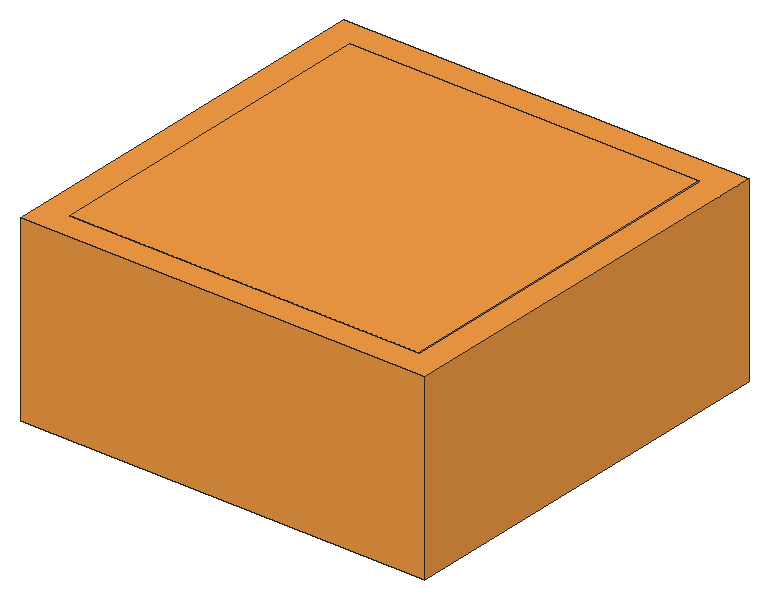
Revit family "Detector óptico-térmico_Aguilera Electronica", category Dispositivos de alarma de incendios, Revit 2019
Family settings
  Anfitrión = Cara
  Mantener orientación de anotación = Sí
  Cota de conector redondo = Diámetro de uso
  Tipo de pieza = Normal
  Número OmniClass = 23.85.30.21.11.11
  Título OmniClass = Fire/Smoke Detectors
  Corte con vacíos al cargar = No
  Compartido = No
  Punto de cálculo de habitación = No
Parameters (values of type "Detector óptico-térmico")
  Zona de acción 80 m2 = yes
  Zona de acción 60 m2 = yes
  Símbolo texto modelo = yes
  Símbolo = yes
  Suplemento para superficie = no
  R2 = D2 / 2  # 53 mm
  R1 = Diámetro / 2  # 53 mm
  D2 = 106 mm
  Altura 3 = 15 mm
  Altura 2 = 1 mm
  URL = "http://aguilera.es/?productos=detector-optico-termico-algoritmico"
  Modelo = "AE/SA-OPT"
  Fabricante = "Aguilera Electrónica"  # constant formula
  Default Elevation = 0 mm
  Diámetro = 106 mm
  Descripción = "Detector multisensor con doble tecnología, de humo y calor, fabricado por AGUILERA ELECTRÓNICA\r\nsegún normas UNE EN 54-7 y UNE EN 54-5 con certificado de conformidad CE y marca de calidad\r\nAENOR.\r\nUnidad algorítmica direccionable que gestiona un sensor óptico de humos y otro de calor.\r\nEl sensor óptico toma medidas de la luz que dispersan las partículas de humo y su incremento, al tiempo\r\nque el de calor lo hace de las variaciones térmicas.\r\nAmbas mediciones son analizadas y enviadas a la central para que esta tome la decisión de alarma\r\nsiempre que se alcancen los parámetros programados para cada caso.\r\nPosee las mismas características que el detector AE/SA-OP"  # constant formula
  Type Comments = ""
  Altura 1 = 43 mm
Types (6, lengths in mm): name | Suplemento para superficie | R2 | D2 | Altura 2 | Modelo | Type Comments
  (no name) | no | 53 | 106 | 1 | "AE/SA-OPT" | ""
  Detector óptico-térmico | no | 53 | 106 | 1 | "AE/SA-OPT" | ""
  Detector óptico-térmico con zócalo | no | 49 | 98 | 18 | "AE/SA-OPT + AE/SA-ZB2" | "Zócalo fabricado en ABS por AGUILERA ELECTRÓNICA, reciclable con contactos arandelas y tuercas,\r\npara conexión de los cables, en acero inoxidable.\r\nPermiten el intercambio de todos los detectores algorítmicos."
  Detector óptico-térmico con suplemento para superficie | yes | 53 | 106 | 30 | "AE/SA-OPT + AE/SA-ZS" | "Suplemento de montaje para tubo visto. Facilita la instalación permitiendo la entrada de 3 tubos de\r\n20mm.\r\nCompatible con todos los detectores algorítmicos. Fabricado en ABS."
  Detector óptico-térmico con zócalo con aislador | no | 49 | 98 | 18 | "AE/SA-OPT + AE/SA-ZBA" | "Zócalo para detectores algorítmicos con circuito aislador bidireccional certificado EN 54-17, diseñado para\r\nser utilizado con las centrales de detección de incendio algorítmicas de AGUILERA ELECTRONICA.\r\nEl circuito aislador bidireccional incluido en el zócalo permite aislar cortocircuitos en el cableado del bucle\r\nde detección algorítmico, dejando fuera de servicio la zona afectada entre 2 aisladores para instalaciones\r\nrealizadas en bucle cerrado.\r\nEl circuito aislador incorpora las siguientes funciones:\r\n• Interruptor bidireccional, permite cortar el bucle de forma segura, sin provocar caídas de tensión cuando\r\nda continuidad.\r\n• Detector de tensión. Supervisa la tensión del bucle, impidiendo su funcionamiento hasta que la tensión\r\nno supera el límite inferior fijado.\r\n• Indicador luminoso, se activa cuando se detecta un corto en el bucle, o un consumo de corriente excesivo."
  Detector óptico-térmico con base con sirena bajo consumo | no | 52 | 104 | 40 | "AE/SA-OPT + AE/SA-SB" | "El equipo AE/SA-SB es una sirena para conectar al bucle algorítmico, que dispone de las siguientes\r\ncaracterísticas:\r\n• Conexión a base de detectores de sistema algorítmico AE/SA-ZB2.\r\n• Incluye base para inserción de detectores algorítmicos de la serie SA de Aguilera:\r\nAE/SA-OP, AE/SA-OPT y AE/SA-T\r\n• Conexión a bucle algorítmico, ocupando 1 dirección. Totalmente programable como una salida\r\nindependiente, asociada al detector conectado a ella, a la zona o sector.\r\n• Generador de tono microprocesado, independiente de las comunicaciones.\r\n• Tonos NFS, ISO 8201 y BF.\r\n• Características acústicas:\r\n- Resonante piezoeléctrico con driver MOS-FET optimizado para conseguir mayor potencia\r\nacústica con un menor consumo.\r\n- Dos niveles de volumen, seleccionable por dilswitch.\r\n- 8 tonos acústicos seleccionables por dilswitch. Hasta 16 tonos disponibles.\r\n• Prueba de funcionamiento mediante selector en dilswitch.\r\n• Vigilancia de tensión de alimentación en bucle algorítmico, con indicación de avería por nivel\r\nbajo.\r\n• Led indicador de estado en bucle algorítmico.\r\n• Sirena certificada EN 54-3."
Reference planes
  plane 1 "Centro (Frontal/Posterior)": y = 0
  plane 2: z = 0
  plane 3 "Centro (Izquierda/Derecha)": x = 0
  plane 4: z = 59
  plane 5: z = 44
  plane 6: z = 1
Forms (mm)
  Extrusion 1, solid
    sketch origin (0, 0, 0) x (1, 0, 0) y (0, 1, 0)
      loop
        line (-1219.2, 1219.2) -> (-1219.2, -1219.2) -> (1219.2, -1219.2) -> (1219.2, 1219.2) -> (-1219.2, 1219.2)
    from 0 to -304.8
  Revolve 2, solid, material "Carcasa ABS"
    sketch origin (0, 0, 0) x (0, 1, 0) y (0, 0, 1)
      loop
        line (-0.007, 44) -> (-27, 44)
        arc (-27, 44) -> (-32.406, 32.354) -> (-40.637, 22.5) r 49.267
        arc (-40.637, 22.5) -> (-51.12, 14.223) -> (-53, 1) r 17.977
        line (-53, 1) -> (-0.007, 1) -> (-0.007, 44)
      axis (0, 44) -> (0, 1)
    angle from 0 to 360
  Extrusion 3, solid, material "Carcasa ABS", detail levels fine
    sketch origin (0, 0, 0) x (1, 0, 0) y (0, 1, 0)
      loop
        circle (0, 0) r 22.524
      loop
        circle (0, 0) r 3.558
    from 57.409 to 59
  Extrusion 4, solid, material "Carcasa ABS", detail levels fine
    sketch origin (0, 0, 0) x (0, 1, 0) y (0, 0, 1)
      loop
        line (-22.453, 59) -> (-24.077, 59)
        arc (-24.077, 59) -> (-23.775, 51.255) -> (-26.5, 44) r 19.584
        line (-26.5, 44) -> (-22.453, 44) -> (-22.453, 59)
    from -0.5 to 0.5
  Extrusion 5, solid, material "Carcasa ABS", detail levels fine
    sketch origin (0, 0, 0) x (-0.173648, 0.984808, 0) y (0, 0, 1)
      loop
        line (-22.453, 58.931) -> (-24.176, 58.931)
        arc (-24.176, 58.931) -> (-24.086, 51.183) -> (-26.99, 44) r 19.705
        line (-26.99, 44) -> (-22.453, 44) -> (-22.453, 58.931)
    from -0.5 to 0.5
  Extrusion 6, solid, material "Carcasa ABS", detail levels fine
    sketch origin (0, 0, 0) x (-0.34202, 0.939693, 0) y (0, 0, 1)
      loop
        line (-22.453, 58.931) -> (-24.176, 58.931)
        arc (-24.176, 58.931) -> (-24.086, 51.183) -> (-26.99, 44) r 19.705
        line (-26.99, 44) -> (-22.453, 44) -> (-22.453, 58.931)
    from -0.5 to 0.5
  Extrusion 7, solid, material "Carcasa ABS", detail levels fine
    sketch origin (0, 0, 0) x (-0.5, 0.866025, 0) y (0, 0, 1)
      loop
        line (-22.453, 57.409) -> (-23.76, 57.409)
        arc (-23.76, 57.409) -> (-23.921, 50.457) -> (-26.5, 44) r 19.584
        line (-26.5, 44) -> (-22.453, 44) -> (-22.453, 57.409)
    from -0.5 to 0.5
  Extrusion 8, solid, material "Carcasa ABS", detail levels fine
    sketch origin (0, 0, 0) x (-0.5, 0.866025, 0) y (0, 0, 1)
      loop
        line (-22.453, 58.931) -> (-24.176, 58.931)
        arc (-24.176, 58.931) -> (-24.086, 51.183) -> (-26.99, 44) r 19.705
        line (-26.99, 44) -> (-22.453, 44) -> (-22.453, 58.931)
    from -0.5 to 0.5
  Extrusion 9, solid, material "Carcasa ABS", detail levels fine
    sketch origin (0, 0, 0) x (-0.642788, 0.766044, 0) y (0, 0, 1)
      loop
        line (-22.453, 58.931) -> (-24.176, 58.931)
        arc (-24.176, 58.931) -> (-24.086, 51.183) -> (-26.99, 44) r 19.705
        line (-26.99, 44) -> (-22.453, 44) -> (-22.453, 58.931)
    from -0.5 to 0.5
  Extrusion 10, solid, material "Carcasa ABS", detail levels fine
    sketch origin (0, 0, 0) x (-0.766044, 0.642788, 0) y (0, 0, 1)
      loop
        line (-22.453, 58.931) -> (-24.176, 58.931)
        arc (-24.176, 58.931) -> (-24.086, 51.183) -> (-26.99, 44) r 19.705
        line (-26.99, 44) -> (-22.453, 44) -> (-22.453, 58.931)
    from -0.5 to 0.5
  Extrusion 11, solid, material "Carcasa ABS", detail levels fine
    sketch origin (0, 0, 0) x (-0.866025, 0.5, 0) y (0, 0, 1)
      loop
        line (-22.453, 58.929) -> (-24.192, 58.929)
        arc (-24.192, 58.929) -> (-24.102, 51.182) -> (-27.007, 44) r 19.693
        line (-27.007, 44) -> (-22.453, 44) -> (-22.453, 58.929)
    from -0.5 to 0.5
  Extrusion 12, solid, material "Carcasa ABS", detail levels fine
    sketch origin (0, 0, 0) x (-0.939693, 0.34202, 0) y (0, 0, 1)
      loop
        line (-22.453, 58.931) -> (-24.176, 58.931)
        arc (-24.176, 58.931) -> (-24.086, 51.183) -> (-26.99, 44) r 19.705
        line (-26.99, 44) -> (-22.453, 44) -> (-22.453, 58.931)
    from -0.5 to 0.5
  Extrusion 13, solid, material "Carcasa ABS", detail levels fine
    sketch origin (0, 0, 0) x (-0.984808, 0.173648, 0) y (0, 0, 1)
      loop
        line (-22.453, 58.931) -> (-24.176, 58.931)
        arc (-24.176, 58.931) -> (-24.086, 51.183) -> (-26.99, 44) r 19.705
        line (-26.99, 44) -> (-22.453, 44) -> (-22.453, 58.931)
    from -0.5 to 0.5
  Extrusion 14, solid, material "Carcasa ABS", detail levels fine
    sketch origin (0, 0, 0) x (-1, 0, 0) y (0, 0, 1)
      loop
        line (-22.453, 58.929) -> (-24.2, 58.929)
        arc (-24.2, 58.929) -> (-24.11, 51.182) -> (-27.016, 44) r 19.686
        line (-27.016, 44) -> (-22.453, 44) -> (-22.453, 58.929)
    from -0.5 to 0.5
  Extrusion 15, solid, material "Carcasa ABS", detail levels fine
    sketch origin (0, 0, 0) x (0, -1, 0) y (0, 0, -1)
      loop
        line (-22.453, -58.931) -> (-22.453, -44) -> (-26.99, -44)
        arc (-26.99, -44) -> (-24.086, -51.183) -> (-24.176, -58.931) r 19.705
        line (-24.176, -58.931) -> (-22.453, -58.931)
    from -0.5 to 0.5
  Extrusion 16, solid, material "Carcasa ABS", detail levels fine
    sketch origin (0, 0, 0) x (-0.173648, -0.984808, 0) y (0, 0, -1)
      loop
        line (-22.453, -58.93) -> (-22.453, -44) -> (-26.992, -44)
        arc (-26.992, -44) -> (-24.088, -51.183) -> (-24.177, -58.93) r 19.704
        line (-24.177, -58.93) -> (-22.453, -58.93)
    from -0.5 to 0.5
  Extrusion 17, solid, material "Carcasa ABS", detail levels fine
    sketch origin (0, 0, 0) x (-0.34202, -0.939693, 0) y (0, 0, -1)
      loop
        line (-22.453, -58.931) -> (-22.453, -44) -> (-26.99, -44)
        arc (-26.99, -44) -> (-24.086, -51.183) -> (-24.176, -58.931) r 19.705
        line (-24.176, -58.931) -> (-22.453, -58.931)
    from -0.5 to 0.5
  Extrusion 18, solid, material "Carcasa ABS", detail levels fine
    sketch origin (0, 0, 0) x (-0.5, -0.866025, 0) y (0, 0, -1)
      loop
        line (-22.453, -57.409) -> (-22.453, -44) -> (-26.5, -44)
        arc (-26.5, -44) -> (-23.921, -50.457) -> (-23.76, -57.409) r 19.584
        line (-23.76, -57.409) -> (-22.453, -57.409)
    from -0.5 to 0.5
  Extrusion 19, solid, material "Carcasa ABS", detail levels fine
    sketch origin (0, 0, 0) x (-0.5, -0.866025, 0) y (0, 0, -1)
      loop
        line (-22.453, -58.931) -> (-22.453, -44) -> (-26.99, -44)
        arc (-26.99, -44) -> (-24.086, -51.183) -> (-24.176, -58.931) r 19.705
        line (-24.176, -58.931) -> (-22.453, -58.931)
    from -0.5 to 0.5
  Extrusion 20, solid, material "Carcasa ABS", detail levels fine
    sketch origin (0, 0, 0) x (-0.642788, -0.766044, 0) y (0, 0, -1)
      loop
        line (-22.453, -58.931) -> (-22.453, -44) -> (-26.99, -44)
        arc (-26.99, -44) -> (-24.086, -51.183) -> (-24.176, -58.931) r 19.705
        line (-24.176, -58.931) -> (-22.453, -58.931)
    from -0.5 to 0.5
  Extrusion 21, solid, material "Carcasa ABS", detail levels fine
    sketch origin (0, 0, 0) x (-0.766044, -0.642788, 0) y (0, 0, -1)
      loop
        line (-22.453, -58.931) -> (-22.453, -44) -> (-26.99, -44)
        arc (-26.99, -44) -> (-24.086, -51.183) -> (-24.176, -58.931) r 19.705
        line (-24.176, -58.931) -> (-22.453, -58.931)
    from -0.5 to 0.5
  Extrusion 22, solid, material "Carcasa ABS", detail levels fine
    sketch origin (0, 0, 0) x (-0.866025, -0.5, 0) y (0, 0, -1)
      loop
        line (-22.453, -58.931) -> (-22.453, -44) -> (-26.982, -44)
        arc (-26.982, -44) -> (-24.078, -51.184) -> (-24.167, -58.931) r 19.711
        line (-24.167, -58.931) -> (-22.453, -58.931)
    from -0.5 to 0.5
  Extrusion 23, solid, material "Carcasa ABS", detail levels fine
    sketch origin (0, 0, 0) x (-0.939693, -0.34202, 0) y (0, 0, -1)
      loop
        line (-22.453, -58.93) -> (-22.453, -44) -> (-26.992, -44)
        arc (-26.992, -44) -> (-24.088, -51.183) -> (-24.177, -58.93) r 19.704
        line (-24.177, -58.93) -> (-22.453, -58.93)
    from -0.5 to 0.5
  Extrusion 24, solid, material "Carcasa ABS", detail levels fine
    sketch origin (0, 0, 0) x (-0.984808, -0.173648, 0) y (0, 0, -1)
      loop
        line (-22.453, -58.931) -> (-22.453, -44) -> (-26.99, -44)
        arc (-26.99, -44) -> (-24.086, -51.183) -> (-24.176, -58.931) r 19.705
        line (-24.176, -58.931) -> (-22.453, -58.931)
    from -0.5 to 0.5
  Extrusion 25, solid, material "Carcasa ABS", detail levels fine
    sketch origin (0, 0, 0) x (0.173648, 0.984808, 0) y (0, 0, -1)
      loop
        line (-22.453, -58.931) -> (-22.453, -44) -> (-26.99, -44)
        arc (-26.99, -44) -> (-24.086, -51.183) -> (-24.176, -58.931) r 19.705
        line (-24.176, -58.931) -> (-22.453, -58.931)
    from -0.5 to 0.5
  Extrusion 26, solid, material "Carcasa ABS", detail levels fine
    sketch origin (0, 0, 0) x (0.34202, 0.939693, 0) y (0, 0, -1)
      loop
        line (-22.453, -58.931) -> (-22.453, -44) -> (-26.99, -44)
        arc (-26.99, -44) -> (-24.086, -51.183) -> (-24.176, -58.931) r 19.705
        line (-24.176, -58.931) -> (-22.453, -58.931)
    from -0.5 to 0.5
  Extrusion 27, solid, material "Carcasa ABS", detail levels fine
    sketch origin (0, 0, 0) x (0.5, 0.866025, 0) y (0, 0, -1)
      loop
        line (-22.453, -57.409) -> (-22.453, -44) -> (-26.5, -44)
        arc (-26.5, -44) -> (-23.921, -50.457) -> (-23.76, -57.409) r 19.584
        line (-23.76, -57.409) -> (-22.453, -57.409)
    from -0.5 to 0.5
  Extrusion 28, solid, material "Carcasa ABS", detail levels fine
    sketch origin (0, 0, 0) x (0.5, 0.866025, 0) y (0, 0, -1)
      loop
        line (-22.453, -58.931) -> (-22.453, -44) -> (-26.99, -44)
        arc (-26.99, -44) -> (-24.086, -51.183) -> (-24.176, -58.931) r 19.705
        line (-24.176, -58.931) -> (-22.453, -58.931)
    from -0.5 to 0.5
  Extrusion 29, solid, material "Carcasa ABS", detail levels fine
    sketch origin (0, 0, 0) x (0.642788, 0.766044, 0) y (0, 0, -1)
      loop
        line (-22.453, -58.931) -> (-22.453, -44) -> (-26.99, -44)
        arc (-26.99, -44) -> (-24.086, -51.183) -> (-24.176, -58.931) r 19.705
        line (-24.176, -58.931) -> (-22.453, -58.931)
    from -0.5 to 0.5
  Extrusion 30, solid, material "Carcasa ABS", detail levels fine
    sketch origin (0, 0, 0) x (0.766044, 0.642788, 0) y (0, 0, -1)
      loop
        line (-22.453, -58.931) -> (-22.453, -44) -> (-26.99, -44)
        arc (-26.99, -44) -> (-24.086, -51.183) -> (-24.176, -58.931) r 19.705
        line (-24.176, -58.931) -> (-22.453, -58.931)
    from -0.5 to 0.5
  Extrusion 31, solid, material "Carcasa ABS", detail levels fine
    sketch origin (0, 0, 0) x (0.866025, 0.5, 0) y (0, 0, -1)
      loop
        line (-22.453, -58.931) -> (-22.453, -44) -> (-26.99, -44)
        arc (-26.99, -44) -> (-24.086, -51.183) -> (-24.176, -58.931) r 19.705
        line (-24.176, -58.931) -> (-22.453, -58.931)
    from -0.5 to 0.5
  Extrusion 32, solid, material "Carcasa ABS", detail levels fine
    sketch origin (0, 0, 0) x (0.939693, 0.34202, 0) y (0, 0, -1)
      loop
        line (-22.453, -58.931) -> (-22.453, -44) -> (-26.99, -44)
        arc (-26.99, -44) -> (-24.086, -51.183) -> (-24.176, -58.931) r 19.705
        line (-24.176, -58.931) -> (-22.453, -58.931)
    from -0.5 to 0.5
  Extrusion 33, solid, material "Carcasa ABS", detail levels fine
    sketch origin (0, 0, 0) x (0.984808, 0.173648, 0) y (0, 0, -1)
      loop
        line (-22.453, -58.931) -> (-22.453, -44) -> (-26.99, -44)
        arc (-26.99, -44) -> (-24.086, -51.183) -> (-24.176, -58.931) r 19.705
        line (-24.176, -58.931) -> (-22.453, -58.931)
    from -0.5 to 0.5
  Extrusion 34, solid, material "Carcasa ABS", detail levels fine
    sketch origin (0, 0, 0) x (1, 0, 0) y (0, 0, -1)
      loop
        line (-22.453, -58.931) -> (-22.453, -44) -> (-26.99, -44)
        arc (-26.99, -44) -> (-24.086, -51.183) -> (-24.176, -58.931) r 19.705
        line (-24.176, -58.931) -> (-22.453, -58.931)
    from -0.5 to 0.5
  Extrusion 35, solid, material "Carcasa ABS", detail levels fine
    sketch origin (0, 0, 0) x (0.173648, -0.984808, 0) y (0, 0, 1)
      loop
        line (-22.453, 58.931) -> (-24.176, 58.931)
        arc (-24.176, 58.931) -> (-24.086, 51.183) -> (-26.99, 44) r 19.705
        line (-26.99, 44) -> (-22.453, 44) -> (-22.453, 58.931)
    from -0.5 to 0.5
  Extrusion 36, solid, material "Carcasa ABS", detail levels fine
    sketch origin (0, 0, 0) x (0.34202, -0.939693, 0) y (0, 0, 1)
      loop
        line (-22.453, 58.931) -> (-24.176, 58.931)
        arc (-24.176, 58.931) -> (-24.086, 51.183) -> (-26.99, 44) r 19.705
        line (-26.99, 44) -> (-22.453, 44) -> (-22.453, 58.931)
    from -0.5 to 0.5
  Extrusion 37, solid, material "Carcasa ABS", detail levels fine
    sketch origin (0, 0, 0) x (0.5, -0.866025, 0) y (0, 0, 1)
      loop
        line (-22.453, 57.409) -> (-23.76, 57.409)
        arc (-23.76, 57.409) -> (-23.921, 50.457) -> (-26.5, 44) r 19.584
        line (-26.5, 44) -> (-22.453, 44) -> (-22.453, 57.409)
    from -0.5 to 0.5
  Extrusion 38, solid, material "Carcasa ABS", detail levels fine
    sketch origin (0, 0, 0) x (0.5, -0.866025, 0) y (0, 0, 1)
      loop
        line (-22.453, 58.931) -> (-24.176, 58.931)
        arc (-24.176, 58.931) -> (-24.086, 51.183) -> (-26.99, 44) r 19.705
        line (-26.99, 44) -> (-22.453, 44) -> (-22.453, 58.931)
    from -0.5 to 0.5
  Extrusion 39, solid, material "Carcasa ABS", detail levels fine
    sketch origin (0, 0, 0) x (0.642788, -0.766044, 0) y (0, 0, 1)
      loop
        line (-22.453, 58.931) -> (-24.176, 58.931)
        arc (-24.176, 58.931) -> (-24.086, 51.183) -> (-26.99, 44) r 19.705
        line (-26.99, 44) -> (-22.453, 44) -> (-22.453, 58.931)
    from -0.5 to 0.5
  Extrusion 40, solid, material "Carcasa ABS", detail levels fine
    sketch origin (0, 0, 0) x (0.766044, -0.642788, 0) y (0, 0, 1)
      loop
        line (-22.453, 58.929) -> (-24.198, 58.929)
        arc (-24.198, 58.929) -> (-24.108, 51.182) -> (-27.014, 44) r 19.688
        line (-27.014, 44) -> (-22.453, 44) -> (-22.453, 58.929)
    from -0.5 to 0.5
  Extrusion 41, solid, material "Carcasa ABS", detail levels fine
    sketch origin (0, 0, 0) x (0.866025, -0.5, 0) y (0, 0, 1)
      loop
        line (-22.453, 58.931) -> (-24.176, 58.931)
        arc (-24.176, 58.931) -> (-24.086, 51.183) -> (-26.99, 44) r 19.705
        line (-26.99, 44) -> (-22.453, 44) -> (-22.453, 58.931)
    from -0.5 to 0.5
  Extrusion 42, solid, material "Carcasa ABS", detail levels fine
    sketch origin (0, 0, 0) x (0.939693, -0.34202, 0) y (0, 0, 1)
      loop
        line (-22.453, 58.931) -> (-24.176, 58.931)
        arc (-24.176, 58.931) -> (-24.086, 51.183) -> (-26.99, 44) r 19.705
        line (-26.99, 44) -> (-22.453, 44) -> (-22.453, 58.931)
    from -0.5 to 0.5
  Extrusion 43, solid, material "Carcasa ABS", detail levels fine
    sketch origin (0, 0, 0) x (0.984808, -0.173648, 0) y (0, 0, 1)
      loop
        line (-22.453, 58.931) -> (-24.176, 58.931)
        arc (-24.176, 58.931) -> (-24.086, 51.183) -> (-26.99, 44) r 19.705
        line (-26.99, 44) -> (-22.453, 44) -> (-22.453, 58.931)
    from -0.5 to 0.5
  Revolve 44, solid, material "Carcasa ABS"
    sketch origin (0, 0, 0) x (0, 1, 0) y (0, 0, 1)
      loop
        line (-53, 1) -> (-53, 0) -> (0, 0) -> (0, 1) -> (-53, 1)
      axis (0, 1) -> (0, 0)
    angle from 0 to 360
  Extrusion 45, solid, material "Carcasa ABS", visible <- "Suplemento para superficie", detail levels medium+fine
    sketch origin (0, 0, 0) x (0, 1, 0) y (0, 0, 1)
      loop
        circle (0, -13.675) r 10
    from 48.382 to 52.012
  Extrusion 46, solid, material "Carcasa ABS", visible <- "Suplemento para superficie", detail levels medium+fine
    sketch origin (0, 0, 0) x (-1, 0, 0) y (0, 0, 1)
      loop
        circle (0, -13.675) r 10
    from 48.382 to 52.012
  Extrusion 47, solid, material "Carcasa ABS", visible <- "Suplemento para superficie", detail levels medium+fine
    sketch origin (0, 0, 0) x (0, 1, 0) y (0, 0, -1)
      loop
        circle (0, 13.675) r 10
    from 48.382 to 52.012
  Extrusion 48, solid, material "Carcasa ABS", detail levels fine
    sketch origin (0, 0, 0) x (1, 0, 0) y (0, 0, 1)
      loop
        arc (-3.558, 59) -> (0, 61.139) -> (3.558, 59) r 4.03
        line (3.558, 59) -> (5.726, 59)
        arc (5.726, 59) -> (0, 63.139) -> (-5.726, 59) r 6.03
        line (-5.726, 59) -> (-3.558, 59)
    from -0.528 to 0.5
  Extrusion 49, solid, material "Carcasa ABS", detail levels fine
    sketch origin (0, 0, 0) x (0, -1, 0) y (0, 0, 1)
      loop
        arc (-3.558, 59) -> (0, 61.139) -> (3.558, 59) r 4.03
        line (3.558, 59) -> (5.726, 59)
        arc (5.726, 59) -> (0, 63.139) -> (-5.726, 59) r 6.03
        line (-5.726, 59) -> (-3.558, 59)
    from -0.5 to 0.5
  Extrusion 50, solid, material "Zona de acción", visible <- "Zona de acción 80 m2"
    sketch origin (-3703.865, 3705, 0) x (1, 0, 0) y (0, 1, 0)
      loop
        line (-746.135, -8155) -> (8153.865, -8155) -> (8153.865, 745) -> (-746.135, 745) -> (-746.135, -8155)
    from 0 to 4000
  Extrusion 51, solid, material "Zona de acción", visible <- "Zona de acción 60 m2"
    sketch origin (-4303.865, 3105, 0) x (1, 0, 0) y (0, 1, 0)
      loop
        line (453.865, -6955) -> (8153.865, -6955) -> (8153.865, 745) -> (453.865, 745) -> (453.865, -6955)
    from 0 to 4000
Dimensions and locks
  locked: Extrusion 3 to Extrusion 3 at 1.591
  "Altura 2": plane 6 to Extrusion 1
  "Altura 1": plane 5 to plane 6
  "Altura 3": plane 4 to plane 5
  "R2": Revolve 44 sketch curve to plane 1 "Centro (Frontal/Posterior)"
  "R1": Revolve 2 sketch curve to plane 1 "Centro (Frontal/Posterior)"
  equal spacing: plane 5, Revolve 2 sketch curve, plane 6
  locked: Revolve 2 sketch curve to plane 1 "Centro (Frontal/Posterior)" at 27
  aligned and locked: plane 2 to Extrusion 1
  aligned and locked: level to Extrusion 1
  aligned and locked: plane 4 to Extrusion 3
  aligned and locked: plane 1 "Centro (Frontal/Posterior)" to Revolve 2 sketch curve
  aligned and locked: Extrusion 1 to Revolve 44 sketch curve
  aligned and locked: plane 1 "Centro (Frontal/Posterior)" to Revolve 44 sketch curve  (x2)
  aligned and locked: Extrusion 48 sketch curve to plane 4
  aligned and locked: Revolve 44 sketch curve to plane 6
  aligned and locked: Extrusion 5 to plane 5
  aligned and locked: Extrusion 25 to plane 5
  aligned and locked: Extrusion 8 to plane 5
  aligned and locked: Extrusion 10 to plane 5
  aligned and locked: Extrusion 11 to plane 5
  aligned and locked: Extrusion 12 to plane 5
  aligned and locked: Extrusion 31 to plane 5
  aligned and locked: Extrusion 26 to plane 5
  aligned and locked: Extrusion 9 to plane 5
  aligned and locked: Extrusion 28 to plane 5
  aligned and locked: Extrusion 29 to plane 5
  aligned and locked: Extrusion 30 to plane 5
  aligned and locked: Extrusion 32 to plane 5
  aligned and locked: Extrusion 13 to plane 5
  aligned and locked: Extrusion 33 to plane 5
  aligned and locked: Extrusion 14 to plane 5
  aligned and locked: Extrusion 34 to plane 5
  aligned and locked: Extrusion 24 to plane 5
  aligned and locked: Extrusion 43 to plane 5
  aligned and locked: Extrusion 23 to plane 5
  aligned and locked: Extrusion 42 to plane 5
  aligned and locked: Extrusion 22 to plane 5
  aligned and locked: Extrusion 41 to plane 5
  aligned and locked: Extrusion 21 to plane 5
  aligned and locked: Extrusion 40 to plane 5
  aligned and locked: Extrusion 20 to plane 5
  aligned and locked: Extrusion 19 to plane 5
  aligned and locked: Extrusion 16 to plane 5
  aligned and locked: Extrusion 17 to plane 5
  aligned and locked: Extrusion 15 to plane 5
  aligned and locked: Extrusion 36 to plane 5
  aligned and locked: Extrusion 35 to plane 5
  aligned and locked: Extrusion 38 to plane 5
  aligned and locked: Extrusion 39 to plane 5
  aligned and locked: plane 5 to Revolve 2 sketch curve
  aligned and locked: plane 6 to Revolve 2 sketch curve
Automatic sketch dimensions
  Extrusion 1 sketch curve to Extrusion 1 sketch curve = 2438.4 mm  (x2)
  Extrusion 3 sketch curve to Extrusion 3 sketch curve = 0 mm  (x2)
  plane 1 "Centro (Frontal/Posterior)" to Extrusion 3 sketch curve = 0 mm
  Extrusion 3 sketch curve to plane 3 "Centro (Izquierda/Derecha)" = 0 mm
  Extrusion 4 sketch curve to plane 5 = 0 mm
  Extrusion 4 sketch curve to plane 4 = 0 mm
  Extrusion 4 sketch curve to plane 4 = 4.622 mm
  plane 1 "Centro (Frontal/Posterior)" to Extrusion 4 sketch curve = 43.109 mm
  Extrusion 4 sketch curve to Extrusion 4 sketch curve = 16.609 mm
  Extrusion 4 sketch curve to Extrusion 4 sketch curve = 4.047 mm
  Extrusion 5 sketch curve to plane 4 = 0.069 mm
  Extrusion 5 sketch curve to plane 4 = 4.166 mm
  plane 5 to Extrusion 5 sketch curve = 0 mm
  Extrusion 5 sketch curve to Extrusion 5 sketch curve = 16.46 mm
  Extrusion 5 sketch curve to Extrusion 5 sketch curve = 4.537 mm
  Extrusion 6 sketch curve to plane 4 = 0.069 mm
  Extrusion 6 sketch curve to plane 4 = 4.166 mm
  plane 5 to Extrusion 6 sketch curve = 0 mm
  Extrusion 6 sketch curve to Extrusion 6 sketch curve = 16.46 mm
  Extrusion 6 sketch curve to Extrusion 6 sketch curve = 4.537 mm
  plane 5 to Extrusion 7 sketch curve = 0 mm
  Extrusion 7 sketch curve to plane 4 = 4.622 mm
  Extrusion 7 sketch curve to Extrusion 7 sketch curve = 16.609 mm
  Extrusion 7 sketch curve to plane 4 = 1.591 mm
  Extrusion 7 sketch curve to Extrusion 7 sketch curve = 4.047 mm
  Extrusion 8 sketch curve to plane 4 = 0.069 mm
  Extrusion 8 sketch curve to plane 4 = 4.166 mm
  plane 5 to Extrusion 8 sketch curve = 0 mm
  Extrusion 8 sketch curve to Extrusion 8 sketch curve = 16.46 mm
  Extrusion 8 sketch curve to Extrusion 8 sketch curve = 4.537 mm
  Extrusion 9 sketch curve to plane 4 = 0.069 mm
  Extrusion 9 sketch curve to plane 4 = 4.166 mm
  plane 5 to Extrusion 9 sketch curve = 0 mm
  Extrusion 9 sketch curve to Extrusion 9 sketch curve = 16.46 mm
  Extrusion 9 sketch curve to Extrusion 9 sketch curve = 4.537 mm
  Extrusion 10 sketch curve to plane 4 = 0.069 mm
  Extrusion 10 sketch curve to plane 4 = 4.166 mm
  plane 5 to Extrusion 10 sketch curve = 0 mm
  Extrusion 10 sketch curve to Extrusion 10 sketch curve = 16.46 mm
  Extrusion 10 sketch curve to Extrusion 10 sketch curve = 4.537 mm
  Extrusion 11 sketch curve to plane 4 = 0.071 mm
  Extrusion 11 sketch curve to plane 4 = 4.168 mm
  plane 5 to Extrusion 11 sketch curve = 0 mm
  Extrusion 11 sketch curve to Extrusion 11 sketch curve = 16.446 mm
  Extrusion 11 sketch curve to Extrusion 11 sketch curve = 4.554 mm
  Extrusion 12 sketch curve to plane 4 = 0.069 mm
  Extrusion 12 sketch curve to plane 4 = 4.166 mm
  plane 5 to Extrusion 12 sketch curve = 0 mm
  Extrusion 12 sketch curve to Extrusion 12 sketch curve = 16.46 mm
  Extrusion 12 sketch curve to Extrusion 12 sketch curve = 4.537 mm
  Extrusion 13 sketch curve to plane 4 = 0.069 mm
  Extrusion 13 sketch curve to plane 4 = 4.166 mm
  plane 5 to Extrusion 13 sketch curve = 0 mm
  Extrusion 13 sketch curve to Extrusion 13 sketch curve = 16.46 mm
  Extrusion 13 sketch curve to Extrusion 13 sketch curve = 4.537 mm
  Extrusion 14 sketch curve to plane 4 = 0.071 mm
  Extrusion 14 sketch curve to plane 4 = 4.169 mm
  plane 3 "Centro (Izquierda/Derecha)" to Extrusion 14 sketch curve = 43.455 mm
  plane 5 to Extrusion 14 sketch curve = 0 mm
  Extrusion 14 sketch curve to Extrusion 14 sketch curve = 16.439 mm
  Extrusion 14 sketch curve to Extrusion 14 sketch curve = 4.563 mm
  plane 4 to Extrusion 15 sketch curve = 0.069 mm
  plane 4 to Extrusion 15 sketch curve = 4.166 mm
  plane 1 "Centro (Frontal/Posterior)" to Extrusion 15 sketch curve = 43.45 mm
  Extrusion 15 sketch curve to plane 5 = 0 mm
  Extrusion 15 sketch curve to Extrusion 15 sketch curve = 16.46 mm
  Extrusion 15 sketch curve to Extrusion 15 sketch curve = 4.537 mm
  Extrusion 16 sketch curve to plane 4 = 0.07 mm
  Extrusion 16 sketch curve to plane 4 = 4.166 mm
  Extrusion 16 sketch curve to plane 5 = 0 mm
  Extrusion 16 sketch curve to Extrusion 16 sketch curve = 16.458 mm
  Extrusion 16 sketch curve to Extrusion 16 sketch curve = 4.539 mm
  Extrusion 17 sketch curve to plane 4 = 0.069 mm
  Extrusion 17 sketch curve to plane 4 = 4.166 mm
  plane 5 to Extrusion 17 sketch curve = 0 mm
  Extrusion 17 sketch curve to Extrusion 17 sketch curve = 16.46 mm
  Extrusion 17 sketch curve to Extrusion 17 sketch curve = 4.537 mm
  Extrusion 18 sketch curve to plane 5 = 0 mm
  Extrusion 18 sketch curve to plane 4 = 4.622 mm
  Extrusion 18 sketch curve to Extrusion 18 sketch curve = 16.609 mm
  Extrusion 18 sketch curve to plane 4 = 1.591 mm
  Extrusion 18 sketch curve to Extrusion 18 sketch curve = 4.047 mm
  Extrusion 19 sketch curve to plane 4 = 0.069 mm
  Extrusion 19 sketch curve to plane 4 = 4.166 mm
  plane 5 to Extrusion 19 sketch curve = 0 mm
  Extrusion 19 sketch curve to Extrusion 19 sketch curve = 16.46 mm
  Extrusion 19 sketch curve to Extrusion 19 sketch curve = 4.537 mm
  Extrusion 20 sketch curve to plane 4 = 0.069 mm
  Extrusion 20 sketch curve to plane 4 = 4.166 mm
  plane 5 to Extrusion 20 sketch curve = 0 mm
  Extrusion 20 sketch curve to Extrusion 20 sketch curve = 16.46 mm
  Extrusion 20 sketch curve to Extrusion 20 sketch curve = 4.537 mm
  Extrusion 21 sketch curve to plane 4 = 0.069 mm
  Extrusion 21 sketch curve to plane 4 = 4.166 mm
  plane 5 to Extrusion 21 sketch curve = 0 mm
  Extrusion 21 sketch curve to Extrusion 21 sketch curve = 16.46 mm
  Extrusion 21 sketch curve to Extrusion 21 sketch curve = 4.537 mm
  Extrusion 22 sketch curve to plane 4 = 0.069 mm
  Extrusion 22 sketch curve to plane 4 = 4.165 mm
  plane 5 to Extrusion 22 sketch curve = 0 mm
  Extrusion 22 sketch curve to Extrusion 22 sketch curve = 16.467 mm
  Extrusion 22 sketch curve to Extrusion 22 sketch curve = 4.528 mm
  Extrusion 23 sketch curve to plane 4 = 0.07 mm
  Extrusion 23 sketch curve to plane 4 = 4.166 mm
  Extrusion 23 sketch curve to plane 5 = 0 mm
  Extrusion 23 sketch curve to Extrusion 23 sketch curve = 16.458 mm
  Extrusion 23 sketch curve to Extrusion 23 sketch curve = 4.539 mm
  Extrusion 24 sketch curve to plane 4 = 0.069 mm
  Extrusion 24 sketch curve to plane 4 = 4.166 mm
  plane 5 to Extrusion 24 sketch curve = 0 mm
  Extrusion 24 sketch curve to Extrusion 24 sketch curve = 16.46 mm
  Extrusion 24 sketch curve to Extrusion 24 sketch curve = 4.537 mm
  Extrusion 25 sketch curve to plane 4 = 0.069 mm
  Extrusion 25 sketch curve to plane 4 = 4.166 mm
  plane 5 to Extrusion 25 sketch curve = 0 mm
  Extrusion 25 sketch curve to Extrusion 25 sketch curve = 16.46 mm
  Extrusion 25 sketch curve to Extrusion 25 sketch curve = 4.537 mm
  Extrusion 26 sketch curve to plane 4 = 0.069 mm
  Extrusion 26 sketch curve to plane 4 = 4.166 mm
  plane 5 to Extrusion 26 sketch curve = 0 mm
  Extrusion 26 sketch curve to Extrusion 26 sketch curve = 16.46 mm
  Extrusion 26 sketch curve to Extrusion 26 sketch curve = 4.537 mm
  plane 5 to Extrusion 27 sketch curve = 0 mm
  Extrusion 27 sketch curve to plane 4 = 4.622 mm
  Extrusion 27 sketch curve to Extrusion 27 sketch curve = 16.609 mm
  Extrusion 27 sketch curve to plane 4 = 1.591 mm
  Extrusion 27 sketch curve to Extrusion 27 sketch curve = 4.047 mm
  Extrusion 28 sketch curve to plane 4 = 0.069 mm
  Extrusion 28 sketch curve to plane 4 = 4.166 mm
  plane 5 to Extrusion 28 sketch curve = 0 mm
  Extrusion 28 sketch curve to Extrusion 28 sketch curve = 16.46 mm
  Extrusion 28 sketch curve to Extrusion 28 sketch curve = 4.537 mm
  Extrusion 29 sketch curve to plane 4 = 0.069 mm
  Extrusion 29 sketch curve to plane 4 = 4.166 mm
  plane 5 to Extrusion 29 sketch curve = 0 mm
  Extrusion 29 sketch curve to Extrusion 29 sketch curve = 16.46 mm
  Extrusion 29 sketch curve to Extrusion 29 sketch curve = 4.537 mm
  Extrusion 30 sketch curve to plane 4 = 0.069 mm
  Extrusion 30 sketch curve to plane 4 = 4.166 mm
  plane 5 to Extrusion 30 sketch curve = 0 mm
  Extrusion 30 sketch curve to Extrusion 30 sketch curve = 16.46 mm
  Extrusion 30 sketch curve to Extrusion 30 sketch curve = 4.537 mm
  Extrusion 31 sketch curve to plane 4 = 0.069 mm
  Extrusion 31 sketch curve to plane 4 = 4.166 mm
  plane 5 to Extrusion 31 sketch curve = 0 mm
  Extrusion 31 sketch curve to Extrusion 31 sketch curve = 16.46 mm
  Extrusion 31 sketch curve to Extrusion 31 sketch curve = 4.537 mm
  Extrusion 32 sketch curve to plane 4 = 0.069 mm
  Extrusion 32 sketch curve to plane 4 = 4.166 mm
  plane 5 to Extrusion 32 sketch curve = 0 mm
  Extrusion 32 sketch curve to Extrusion 32 sketch curve = 16.46 mm
  Extrusion 32 sketch curve to Extrusion 32 sketch curve = 4.537 mm
  Extrusion 33 sketch curve to plane 4 = 0.069 mm
  Extrusion 33 sketch curve to plane 4 = 4.166 mm
  plane 5 to Extrusion 33 sketch curve = 0 mm
  Extrusion 33 sketch curve to Extrusion 33 sketch curve = 16.46 mm
  Extrusion 33 sketch curve to Extrusion 33 sketch curve = 4.537 mm
  Extrusion 34 sketch curve to plane 4 = 0.069 mm
  Extrusion 34 sketch curve to plane 4 = 4.166 mm
  Extrusion 34 sketch curve to plane 3 "Centro (Izquierda/Derecha)" = 43.45 mm
  plane 5 to Extrusion 34 sketch curve = 0 mm
  Extrusion 34 sketch curve to Extrusion 34 sketch curve = 16.46 mm
  Extrusion 34 sketch curve to Extrusion 34 sketch curve = 4.537 mm
  Extrusion 35 sketch curve to plane 4 = 0.069 mm
  Extrusion 35 sketch curve to plane 4 = 4.166 mm
  plane 5 to Extrusion 35 sketch curve = 0 mm
  Extrusion 35 sketch curve to Extrusion 35 sketch curve = 16.46 mm
  Extrusion 35 sketch curve to Extrusion 35 sketch curve = 4.537 mm
  Extrusion 36 sketch curve to plane 4 = 0.069 mm
  Extrusion 36 sketch curve to plane 4 = 4.166 mm
  plane 5 to Extrusion 36 sketch curve = 0 mm
  Extrusion 36 sketch curve to Extrusion 36 sketch curve = 16.46 mm
  Extrusion 36 sketch curve to Extrusion 36 sketch curve = 4.537 mm
  Extrusion 37 sketch curve to plane 5 = 0 mm
  Extrusion 37 sketch curve to plane 4 = 4.622 mm
  Extrusion 37 sketch curve to Extrusion 37 sketch curve = 16.609 mm
  Extrusion 37 sketch curve to plane 4 = 1.591 mm
  Extrusion 37 sketch curve to Extrusion 37 sketch curve = 4.047 mm
  Extrusion 38 sketch curve to plane 4 = 0.069 mm
  Extrusion 38 sketch curve to plane 4 = 4.166 mm
  plane 5 to Extrusion 38 sketch curve = 0 mm
  Extrusion 38 sketch curve to Extrusion 38 sketch curve = 16.46 mm
  Extrusion 38 sketch curve to Extrusion 38 sketch curve = 4.537 mm
  Extrusion 39 sketch curve to plane 4 = 0.069 mm
  Extrusion 39 sketch curve to plane 4 = 4.166 mm
  plane 5 to Extrusion 39 sketch curve = 0 mm
  Extrusion 39 sketch curve to Extrusion 39 sketch curve = 16.46 mm
  Extrusion 39 sketch curve to Extrusion 39 sketch curve = 4.537 mm
  Extrusion 40 sketch curve to plane 4 = 0.071 mm
  Extrusion 40 sketch curve to plane 4 = 4.169 mm
  plane 5 to Extrusion 40 sketch curve = 0 mm
  Extrusion 40 sketch curve to Extrusion 40 sketch curve = 16.441 mm
  Extrusion 40 sketch curve to Extrusion 40 sketch curve = 4.561 mm
  Extrusion 41 sketch curve to plane 4 = 0.069 mm
  Extrusion 41 sketch curve to plane 4 = 4.166 mm
  plane 5 to Extrusion 41 sketch curve = 0 mm
  Extrusion 41 sketch curve to Extrusion 41 sketch curve = 16.46 mm
  Extrusion 41 sketch curve to Extrusion 41 sketch curve = 4.537 mm
  Extrusion 42 sketch curve to plane 4 = 0.069 mm
  Extrusion 42 sketch curve to plane 4 = 4.166 mm
  plane 5 to Extrusion 42 sketch curve = 0 mm
  Extrusion 42 sketch curve to Extrusion 42 sketch curve = 16.46 mm
  Extrusion 42 sketch curve to Extrusion 42 sketch curve = 4.537 mm
  Extrusion 43 sketch curve to plane 4 = 0.069 mm
  Extrusion 43 sketch curve to plane 4 = 4.166 mm
  plane 5 to Extrusion 43 sketch curve = 0 mm
  Extrusion 43 sketch curve to Extrusion 43 sketch curve = 16.46 mm
  Extrusion 43 sketch curve to Extrusion 43 sketch curve = 4.537 mm
  Extrusion 45 sketch curve to plane 1 "Centro (Frontal/Posterior)" = 0 mm
  Extrusion 45 sketch curve to level = 13.675 mm
  Extrusion 46 sketch curve to plane 3 "Centro (Izquierda/Derecha)" = 0 mm
  Extrusion 46 sketch curve to level = 13.675 mm
  Extrusion 47 sketch curve to plane 1 "Centro (Frontal/Posterior)" = 0 mm
  Extrusion 47 sketch curve to level = 13.675 mm
  Extrusion 48 sketch curve to Extrusion 48 sketch curve = 0 mm  (x2)
  Extrusion 48 sketch curve to plane 3 "Centro (Izquierda/Derecha)" = 0 mm
  Extrusion 48 sketch curve to plane 4 = 0 mm
  Extrusion 48 sketch curve to plane 3 "Centro (Izquierda/Derecha)" = 3.558 mm
  Extrusion 48 sketch curve to Extrusion 48 sketch curve = 2.167 mm
  Extrusion 48 sketch curve to plane 4 = 1.891 mm
  Extrusion 49 sketch curve to Extrusion 49 sketch curve = 0 mm  (x2)
  Extrusion 49 sketch curve to plane 4 = 0 mm  (x2)
  Extrusion 49 sketch curve to plane 1 "Centro (Frontal/Posterior)" = 0 mm
  Extrusion 49 sketch curve to plane 1 "Centro (Frontal/Posterior)" = 3.558 mm
  Extrusion 49 sketch curve to Extrusion 49 sketch curve = 2.167 mm
  Extrusion 49 sketch curve to plane 4 = 1.891 mm
  Extrusion 50 sketch curve to plane 3 "Centro (Izquierda/Derecha)" = 4450 mm
  plane 3 "Centro (Izquierda/Derecha)" to Extrusion 50 sketch curve = 4450 mm
  plane 1 "Centro (Frontal/Posterior)" to Extrusion 50 sketch curve = 4450 mm
  Extrusion 50 sketch curve to plane 1 "Centro (Frontal/Posterior)" = 4450 mm
  Extrusion 51 sketch curve to plane 3 "Centro (Izquierda/Derecha)" = 3850 mm
  plane 3 "Centro (Izquierda/Derecha)" to Extrusion 51 sketch curve = 3850 mm
  plane 1 "Centro (Frontal/Posterior)" to Extrusion 51 sketch curve = 3850 mm
  Extrusion 51 sketch curve to plane 1 "Centro (Frontal/Posterior)" = 3850 mm
  Revolve 2 sketch curve to plane 4 = 0.258 mm
  Revolve 2 sketch curve to Revolve 2 sketch curve = 47.01 mm
  plane 6 to Revolve 2 sketch curve = 4.262 mm
  plane 1 "Centro (Frontal/Posterior)" to Revolve 2 sketch curve = 0.007 mm
  Revolve 2 sketch curve to level = 2.554 mm
  Revolve 2 sketch curve to Revolve 2 sketch curve = 9.446 mm
  Revolve 44 sketch curve to Revolve 44 sketch curve = 4.781 mm
  Revolve 44 sketch curve to Revolve 44 sketch curve = 9.735 mm
  radius of Extrusion 3 sketch curve = 22.524 mm
  radius of Extrusion 3 sketch curve = 3.558 mm
  radius of Extrusion 45 sketch curve = 10 mm
  radius of Extrusion 46 sketch curve = 10 mm
  radius of Extrusion 47 sketch curve = 10 mm
Nested families
  nested 1: "S_Detector óptico-térmico_Aguilera Electronica" at (0, 0, 0), visible <- "Símbolo", type "S_Detector óptico-térmico_Aguilera Electronica"
Connectors
  cabletrayconduit at (52.012, 0, -13.675), diameter 20
    settings: on Extrusion 45, index 2, connector width 300 mm, connector height 300 mm, connector angle 0.00°, system type 32, placement type 0, profile type 0, connector reference index -1, is primary connector yes, connector utility param no, connector description ""
  cabletrayconduit at (0, 52.012, -13.675), diameter 20
    settings: on Extrusion 46, index 3, connector width 300 mm, connector height 300 mm, connector angle 0.00°, system type 32, placement type 0, profile type 0, connector reference index -1, is primary connector no, connector utility param no, connector description ""
  cabletrayconduit at (-52.012, 0, -13.675), diameter 20
    settings: on Extrusion 47, index 4, connector width 300 mm, connector height 300 mm, connector angle 0.00°, system type 32, placement type 0, profile type 0, connector reference index -1, is primary connector no, connector utility param no, connector description ""
  electrical at (0, 0, 0), driven by "Modelo"
    settings: on Revolve 44, index 5, voltage 0 V, apparent load 0 VA, apparent load phase1 0 VA, apparent load phase2 0 VA, apparent load phase3 0 VA, power factor 1, load classification "Otro", number of poles 1, system type 11, power factor state 1, is connector primary yes, connector utility no, sub classification motor no, connector description "AE/SA-OPT"
Definition of nested family "S_Detector óptico-térmico_Aguilera Electronica"
  Parameters (values of type "S_Detector óptico-térmico_Aguilera Electronica")
    Texto símbolo = "S.A"
    Texto modelo = yes
    Modelo = "Detector óptico-térmico"
  Reference planes
    plane 1: y = 0
    plane 2: x = 0
  Lines and regions (mm)
    detail lines
      curve 1: line (-4.116, -2.084, 0) -> (4.116, -2.084, 0)
      curve 2: line (-4.116, 2.084, 0) -> (-4.116, -2.084, 0)
      curve 3: line (4.116, 2.084, 0) -> (-4.116, 2.084, 0)
      curve 4: line (4.116, -2.084, 0) -> (4.116, 2.084, 0)
      curve 5: line (-3.183, 0, 0) -> (-1.842, 1.341, 0)
      curve 6: line (-1.842, 1.341, 0) -> (0.89, -1.392, 0)
      curve 7: line (0.89, -1.392, 0) -> (2.316, 0.034, 0)
      curve 8: circle (2.705, -0.432, 0) r 0.607 normal (0, 0, 1)
      curve 9: line (-3.183, 0, 0) -> (2.282, 0, 0)
  Text (mm)
    label "Texto símbolo" at (-2.438, -1.13, 0), shows "Texto símbolo"
    label "Modelo" at (0.158, -3.714, 0), shows "Modelo", visible <- "Texto modelo"
